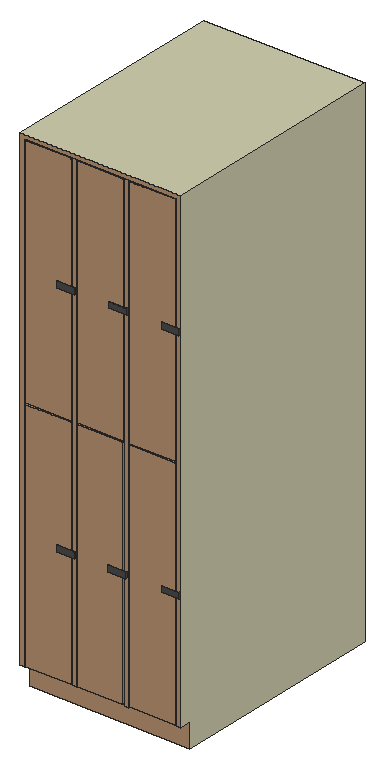
Revit family "Cabinet_Wenger_UltraStor_19", category Furniture, Revit 2015
Parameters (values of type "UltraStor Cabinet #19 - Comp Wood Doors")
  URL = "https://www.wengercorp.com/"
  Type Comments = ""
  Specification = "http://www.arcat.com/sdspecs/htm04/12_35_83wen.htm"
  Shelf Thickness = 0' - 1 1/8"
  Sales Information = "https://www.wengercorp.com/contact-us.php"
  Revision = "R1_2018-04"
  Rear Panel Thickness = 0' - 0 3/4"
  Product Data = "http://www.arcat.com/arcatcos/cos36/arc36487.html"
  Manufacturer Website = "https://www.wengercorp.com/"
  Manufacturer Phone - Toll Free = "800-4WENGER"
  Manufacturer Phone = "(507) 455-4100"
  Manufacturer Fax = "(507) 455-4258"
  Manufacturer Address = "555 Park Dr., Owatonna, MN 55060"
  Keynote = "12 35 83"
  HasDoors = yes
  Green Building-LEED = "http://www.arcat.com/green/clients/leed_data_36487.html"
  Drawn By = "Sumex Design, Inc. / Robert S. Weygant, CSI, CDT, SCIP"
  Door Width = (Cabinet Width - 0' 3") / 3  # 0' - 8.16667"
  Door Style = Door_Base : Solid Door
  Door Material [instance] = Wenger Cherry (Use Cherry Edge Band Only)
  Door Height = (Cabinet Height - 0' 4 3/4") / 5  # 1' - 4.175"
  Toe Kick Material [instance] = Wenger Cherry (Use Cherry Edge Band Only)
  RH End Panel [instance] = no
  Model = "#19"
  Manufacturer = "Wenger Corporation"
  LH End Panel [instance] = no
  End Panel Material [instance] = Wenger Cherry (Use Cherry Edge Band Only)
  Edge Banding Material [instance] = Wenger Cherry (Use Cherry Edge Band Only)
  Cost = 0
  Copyright = "© 2018 Arcat Inc."
  Construction Details = "http://www.arcat.com/details/wengerco/wengerco.html?coid=36487"
  Body Material [instance] = Wenger - Oyster
  Description = "Wenger UltraStor Cabinet #19 - Comp Wood Doors"
  Cabinet Width = 2' - 3 1/2"
  Cabinet Height = 7' - 1 5/8"
  Installed Depth = 3' - 3 1/4"
  Cabinet Panel Thickness = 0' - 0 3/4"
  Assembly Code = "E2010200"
Types (7): name | Rear Panel Thickness | HasDoors | Door Style | Door Material | Model | Description | Installed Depth
  Acoustic Cabinet #19 - No Doors | 0' - 3 1/4" | no | Door_Base : Solid Door | none | "#19A" | "Wenger Acoustic Cabinet #19 - No Doors" | 3' - 5 3/4"
  Acoustic Cabinet #19 - Comp Grille Doors | 0' - 3 1/4" | yes | Door_Base : Bars | Painted Black | "#19A" | "Wenger Acoustic Cabinet #19 - Comp Grille Doors" | 3' - 5 3/4"
  Acoustic Cabinet #19 - Comp Waterfall Grille Doors | 0' - 3 1/4" | yes | Door_Base : Waterfall | Painted Black | "#19A" | "Wenger Acoustic Cabinet #19 - Comp Waterfall Grille Doors" | 3' - 5 3/4"
  UltraStor Cabinet #19 - Comp Waterfall Grille Doors | 0' - 0 3/4" | yes | Door_Base : Waterfall | Painted Black | "#19" | "Wenger UltraStor Cabinet #19 - Comp Waterfall Grille Doors" | 3' - 3 1/4"
  UltraStor Cabinet #19 - Comp Grille Doors | 0' - 0 3/4" | yes | Door_Base : Bars | Painted Black | "#19" | "Wenger UltraStor Cabinet #19 - Comp Grille Doors" | 3' - 3 1/4"
  UltraStor Cabinet #19 - Comp Wood Doors | 0' - 0 3/4" | yes | Door_Base : Solid Door | Wenger Cherry (Use Cherry Edge Band Only) | "#19" | "Wenger UltraStor Cabinet #19 - Comp Wood Doors" | 3' - 3 1/4"
  UltraStor Cabinet #19 - No Doors | 0' - 0 3/4" | no | Door_Base : Solid Door | none | "#19" | "Wenger UltraStor Cabinet #19 - No Doors" | 3' - 3 1/4"
Reference planes (in)
  plane 1 "Front": y = 0
  plane 2: z = 0
  plane 3 "Left": x = 0
  plane 4 "Right": x = 27.5
  plane 5 "Back": y = 39.25
  plane 6 "Top": z = 85.625
  plane 7: z = 4
  plane 8: z = 44.43125
  plane 9: x = 0.75
  plane 10: x = 26.75
  plane 11: z = 84.875
  plane 12: x = 8.91667
  plane 13: x = 9.66667
  plane 14: x = 17.83333
  plane 15: x = 18.58333
  plane 16: y = 38.5
  plane 17: y = 2
  plane 18: y = 0.75
  plane 19: z = 45.55625
  plane 20: z = 5.125
Forms (in)
  Extrusion 1, solid, material "Wenger - Oyster" <- "Body Material"
    sketch origin (0, 0, 0) x (0, 1, 0) y (0, 0, 1)
      loop
        line (0, 85.625) -> (0, 4) -> (2, 4) -> (2, 0) -> (39.25, 0) -> (39.25, 85.625) -> (0, 85.625)
    from 0 to 27.5
  Extrusion 2, void
    sketch origin (0, 0, 0) x (0, 1, 0) y (0, 0, 1)
      loop
        line (-5.5, 84.875) -> (-5.5, 4) -> (0.75, 4)
        arc (0.75, 4) -> (1.15915, 4.80234) -> (2, 5.125) r 1.25694
        line (2, 5.125) -> (38.5, 5.125) -> (38.5, 44.43125) -> (0.75, 44.43125)
        arc (0.75, 44.43125) -> (1.18296, 45.20713) -> (2, 45.55625) r 1.375
        line (2, 45.55625) -> (38.5, 45.55625) -> (38.5, 84.875) -> (-5.5, 84.875)
    from 0.75 to 8.91667
  Extrusion 3, void
    sketch origin (0, 0, 0) x (0, 1, 0) y (0, 0, 1)
      loop
        line (-5.5, 84.875) -> (-5.5, 4) -> (0.75, 4)
        arc (0.75, 4) -> (1.18296, 4.77588) -> (2, 5.125) r 1.375
        line (2, 5.125) -> (38.5, 5.125) -> (38.5, 44.43125) -> (0.75, 44.43125)
        arc (0.75, 44.43125) -> (1.18296, 45.20713) -> (2, 45.55625) r 1.375
        line (2, 45.55625) -> (38.5, 45.55625) -> (38.5, 84.875) -> (-5.5, 84.875)
    from 9.66667 to 17.83333
  Extrusion 4, void
    sketch origin (0, 0, 0) x (0, 1, 0) y (0, 0, 1)
      loop
        line (-5.5, 84.875) -> (-5.5, 4) -> (0.75, 4)
        arc (0.75, 4) -> (1.18296, 4.77588) -> (2, 5.125) r 1.375
        line (2, 5.125) -> (38.5, 5.125) -> (38.5, 44.43125) -> (0.75, 44.43125)
        arc (0.75, 44.43125) -> (1.18296, 45.20713) -> (2, 45.55625) r 1.375
        line (2, 45.55625) -> (38.5, 45.55625) -> (38.5, 84.875) -> (-5.5, 84.875)
    from 18.58333 to 26.75
  Extrusion 5, void
    sketch origin (0, 0, 0) x (0, 1, 0) y (0, 0, 1)
      loop
        line (0, 84.875) -> (0, 4) -> (0.0625, 4) -> (0.0625, 84.875) -> (0, 84.875)
    from 0.75 to 26.75
Cuts and joins
  Extrusion 2, Extrusion 3, Extrusion 4, Extrusion 5 cuts Extrusion 1
Lines and regions (in)
  Masking region 1
    outline origin (0, 0, 0) x (1, 0, 0) y (0, 1, 0)
      loop
        line (0, 39.25) -> (0, 0) -> (27.5, 0) -> (27.5, 39.25) -> (0, 39.25)
Dimensions and locks (in)
  "Cabinet Panel Thickness": plane 3 "Left" to plane 9
  "Cabinet Panel Thickness": plane 10 to plane 4 "Right"
  "Cabinet Panel Thickness": plane 5 "Back" to plane 16
  locked: plane 1 "Front" to plane 18 at 0.75
  locked: plane 1 "Front" to plane 17 at 2
  "Shelf Thickness": plane 19 to plane 8
  "Cabinet Panel Thickness": plane 6 "Top" to plane 11
  "Shelf Thickness": plane 20 to plane 7
  "Cabinet Width": plane 3 "Left" to plane 4 "Right"
  locked: plane 7 to level at 4
  "Cabinet Height": plane 6 "Top" to level
  "Installed Depth": plane 1 "Front" to plane 5 "Back"
  "Door Width": plane 12 to plane 9
  "Door Width": plane 14 to plane 13
  "Door Width": plane 10 to plane 15
  plane 3 "Left" to plane 4 "Right" = 2' - 3 1/2"
  locked: plane 15 to plane 14 at 0.75
  equal spacing: plane 13, nested 2, plane 14
  equal spacing: plane 5 "Back", nested 2, plane 1 "Front"
  plane 11 to plane 19 = 3' - 3.31875"
  plane 8 to plane 20 = 3' - 3.30625"
  aligned and locked: Extrusion 1 sketch curve to plane 6 "Top"
  aligned and locked: Extrusion 1 sketch curve to plane 5 "Back"
  aligned and locked: Extrusion 1 sketch curve to plane 1 "Front"
  aligned and locked: Extrusion 1 sketch curve to plane 7
  aligned and locked: Extrusion 1 sketch curve to plane 17
  aligned and locked: Extrusion 1 sketch curve to level
  aligned and locked: Extrusion 1 to plane 4 "Right"
  aligned and locked: Extrusion 1 to plane 3 "Left"
  aligned and locked: Extrusion 2 sketch curve to plane 11
  aligned and locked: Extrusion 2 sketch curve to plane 19
  aligned and locked: Extrusion 2 sketch curve to plane 8
  aligned and locked: Extrusion 2 sketch curve to plane 20
  aligned and locked: Extrusion 2 to plane 9
  aligned and locked: plane 12 to Extrusion 2
  aligned and locked: plane 14 to Extrusion 3
  aligned and locked: Extrusion 3 to plane 13
  aligned and locked: Extrusion 4 to plane 10
  aligned and locked: Extrusion 4 to plane 15
  aligned and locked: Extrusion 5 sketch curve to cut or joined group of Extrusion 1, Extrusion 2, Extrusion 3, Extrusion 4, Extrusion 5  (x3)
  aligned and locked: Extrusion 5 to plane 10
  aligned and locked: Extrusion 5 to plane 9
  aligned and locked: nested 3 to plane 9
  aligned and locked: plane 12 to nested 3
  aligned and locked: plane 11 to nested 3
  aligned and locked: plane 11 to nested 4
  aligned and locked: nested 4 to plane 13
  aligned and locked: plane 14 to nested 4
  aligned and locked: cut or joined group of Extrusion 1, Extrusion 2, Extrusion 3, Extrusion 4, Extrusion 5 to plane 15
  aligned and locked: cut or joined group of Extrusion 1, Extrusion 2, Extrusion 3, Extrusion 4, Extrusion 5 to plane 10
  aligned and locked: plane 11 to nested 5
  aligned and locked: plane 8 to cut or joined group of Extrusion 1, Extrusion 2, Extrusion 3, Extrusion 4, Extrusion 5
  aligned and locked: nested 8 to plane 10
  aligned and locked: nested 5 to plane 10
  aligned and locked: nested 5 to plane 15
  aligned and locked: nested 8 to plane 15
  aligned and locked: plane 14 to cut or joined group of Extrusion 1, Extrusion 2, Extrusion 3, Extrusion 4, Extrusion 5
  aligned and locked: nested 7 to plane 13
  aligned and locked: plane 12 to nested 6
  aligned and locked: nested 6 to plane 9
  aligned and locked: plane 7 to cut or joined group of Extrusion 1, Extrusion 2, Extrusion 3, Extrusion 4, Extrusion 5
  aligned and locked: nested 7 to plane 7
  aligned and locked: nested 8 to plane 7
  aligned and locked: nested 6 to plane 7
  aligned and locked: plane 18 to Extrusion 2 sketch curve
  aligned and locked: plane 1 "Front" to nested 9
  aligned and locked: nested 9 to level
  aligned and locked: nested 9 to plane 4 "Right"
  aligned and locked: Masking region 1 sketch curve to plane 5 "Back"
  aligned and locked: Masking region 1 sketch curve to plane 1 "Front"
  aligned and locked: plane 3 "Left" to Masking region 1 sketch curve
  aligned and locked: plane 4 "Right" to Masking region 1 sketch curve
  aligned and locked: plane 8 to nested 6
  aligned and locked: plane 8 to nested 7
  aligned and locked: plane 8 to nested 8
  aligned and locked: nested 5 to plane 8
  aligned and locked: nested 4 to plane 8
  aligned and locked: nested 3 to plane 8
Automatic sketch dimensions
  Extrusion 3 sketch curve to plane 11 = 0' - 0"
  Extrusion 3 sketch curve to plane 7 = 0' - 0"
  Extrusion 3 sketch curve to plane 18 = 0' - 0"  (x2)
  Extrusion 3 sketch curve to plane 8 = 0' - 0"
  Extrusion 3 sketch curve to plane 17 = 0' - 0"  (x2)
  Extrusion 3 sketch curve to plane 16 = 0' - 0"  (x2)
  Extrusion 3 sketch curve to plane 20 = 0' - 0"
  Extrusion 3 sketch curve to plane 19 = 0' - 0"
  plane 1 "Front" to Extrusion 3 sketch curve = 0' - 5 1/2"
  Extrusion 3 sketch curve to plane 17 = 0' - 0.10279"  (x2)
  Extrusion 4 sketch curve to plane 11 = 0' - 0"
  Extrusion 4 sketch curve to plane 7 = 0' - 0"
  Extrusion 4 sketch curve to plane 18 = 0' - 0"  (x2)
  Extrusion 4 sketch curve to plane 8 = 0' - 0"
  Extrusion 4 sketch curve to plane 17 = 0' - 0"  (x2)
  Extrusion 4 sketch curve to plane 16 = 0' - 0"  (x2)
  Extrusion 4 sketch curve to plane 20 = 0' - 0"
  Extrusion 4 sketch curve to plane 19 = 0' - 0"
  plane 1 "Front" to Extrusion 4 sketch curve = 0' - 5 1/2"
  Extrusion 4 sketch curve to plane 17 = 0' - 0.10279"  (x2)
  plane 18 to Extrusion 5 sketch curve = 0' - 0 11/16"
  Extrusion 2 sketch curve to plane 7 = 0' - 0"
  Extrusion 2 sketch curve to plane 17 = 0' - 0"  (x2)
  Extrusion 2 sketch curve to plane 16 = 0' - 0"  (x2)
  plane 1 "Front" to Extrusion 2 sketch curve = 0' - 5 1/2"
  Extrusion 2 sketch curve to plane 18 = 0' - 0"
  Extrusion 2 sketch curve to plane 17 = 0' - 0.10279"
Nested families (in)
  nested 1: "End Panel" at (0, 24.25, 0) x (0, -1, 0) z (0, 0, 1), End Panel Material <- "End Panel Material", visible <- "LH End Panel", Edge Banding Material <- "Edge Banding Material", type "End Panel"
    with End Panel Material Wenger Cherry (Use Cherry Edge Band Only), Edge Banding Material Wenger Cherry (Use Cherry Edge Band Only), End Panel Depth 3' - 3 1/4"
  nested 2: "Labels" at (13.75, 19.625, 0), type "Labels"
  nested 3: "Door_Base" at (4.83333, 0, 44.43125) x (1, 0, 0) z (0, -1, 0), type <- "Door Style", visible <- "HasDoors", type "Solid Door", detail levels medium+fine
    with vBars 6, Width 0' - 8.16667", ToeKick Height 0' - 4", MidBar no, Height 3' - 4.44375", BarHt 3' - 3.94375", 2HzBars no
  nested 4: "Door_Base" at (13.75, 0, 44.43125) x (1, 0, 0) z (0, -1, 0), type <- "Door Style", visible <- "HasDoors", type "Solid Door", detail levels medium+fine
    with vBars 6, Width 0' - 8.16667", ToeKick Height 0' - 4", MidBar no, Height 3' - 4.44375", BarHt 3' - 3.94375", 2HzBars no
  nested 5: "Door_Base" at (22.66667, 0, 44.43125) x (1, 0, 0) z (0, -1, 0), type <- "Door Style", visible <- "HasDoors", type "Solid Door", detail levels medium+fine
    with vBars 6, Width 0' - 8.16667", ToeKick Height 0' - 4", MidBar no, Height 3' - 4.44375", BarHt 3' - 3.94375", 2HzBars no
  nested 6: "Door_Base" at (4.83333, 0, 4) x (1, 0, 0) z (0, -1, 0), type <- "Door Style", visible <- "HasDoors", type "Solid Door", detail levels medium+fine
    with vBars 6, Width 0' - 8.16667", ToeKick Height 0' - 4", MidBar no, Height 3' - 4.43125", BarHt 3' - 3.93125", 2HzBars no
  nested 7: "Door_Base" at (13.66667, 0, 4) x (1, 0, 0) z (0, -1, 0), type <- "Door Style", visible <- "HasDoors", type "Solid Door", detail levels medium+fine
    with vBars 6, Width 0' - 8", ToeKick Height 0' - 4", MidBar no, Height 3' - 4.43125", BarHt 3' - 3.93125", 2HzBars no
  nested 8: "Door_Base" at (22.66667, 0, 4) x (1, 0, 0) z (0, -1, 0), type <- "Door Style", visible <- "HasDoors", type "Solid Door", detail levels medium+fine
    with vBars 6, Width 0' - 8.16667", ToeKick Height 0' - 4", MidBar no, Height 3' - 4.43125", BarHt 3' - 3.93125", 2HzBars no
  nested 9: "End Panel" at (28.25, 24.25, 0) x (0, -1, 0) z (0, 0, 1), End Panel Material <- "End Panel Material", Edge Banding Material <- "Edge Banding Material", visible <- "RH End Panel", type "End Panel"
    with End Panel Material Wenger Cherry (Use Cherry Edge Band Only), Edge Banding Material Wenger Cherry (Use Cherry Edge Band Only), End Panel Depth 3' - 3 1/4"
Definition of nested family "End Panel"
  Parameters (values of type "End Panel")
    End Panel Material [instance] = none
    End Panel Height = 7' - 1 5/8"
    End Panel Depth = 1' - 9 3/4"
    Edge Banding Material [instance] = none
    Default Elevation = 4' - 0"
    Assembly Code = ""
  Reference planes (in)
    plane 1 "Center (Front/Back)": y = 0
    plane 2: z = 0
    plane 3 "Center (Left/Right)": x = 0
    plane 4: x = -15
    plane 5: x = 6.75
    plane 6: z = 4
    plane 7: x = 4.75
    plane 8: z = 85.625
    plane 9: y = -0.75
  Forms (in)
    Extrusion 1, solid, material <- "End Panel Material"
      sketch origin (0, 0, 0) x (1, 0, 0) y (0, 0, 1)
        loop
          line (-15, 85.625) -> (-15, 0) -> (4.75, 0) -> (4.75, 4) -> (6.75, 4) -> (6.75, 85.625) -> (-15, 85.625)
      from 0 to 0.75
  Lines and regions (in)
    Masking region 1, detail levels coarse+medium
      outline origin (0, 0, 0) x (1, 0, 0) y (0, 1, 0)
        loop
          line (-15, 0) -> (-15, -0.75) -> (6.75, -0.75) -> (6.75, 0) -> (-15, 0)
  Dimensions and locks (in)
    locked: plane 7 to plane 5 at 2
    locked: plane 6 to level at 4
    "End Panel Height": plane 8 to level
    "End Panel Depth": plane 5 to plane 4
    locked: plane 9 to plane 1 "Center (Front/Back)" at 0.75
    aligned and locked: plane 4 to Extrusion 1 sketch curve
    aligned and locked: level to Extrusion 1 sketch curve
    aligned and locked: plane 7 to Extrusion 1 sketch curve
    aligned and locked: plane 6 to Extrusion 1 sketch curve
    aligned and locked: Extrusion 1 sketch curve to plane 5
    aligned and locked: Extrusion 1 sketch curve to plane 8
    aligned and locked: Extrusion 1 to plane 9
    aligned and locked: Extrusion 1 to plane 1 "Center (Front/Back)"
    aligned and locked: plane 4 to Masking region 1 sketch curve
    aligned and locked: Masking region 1 sketch curve to plane 5
    aligned and locked: plane 1 "Center (Front/Back)" to Masking region 1 sketch curve
    aligned and locked: plane 9 to Masking region 1 sketch curve
Definition of nested family "Door_Base"
  Parameters (values of type "None")
    vBars [instance] = (Width - 0' 2") / 0' 1"  # 6
    Width [instance] = 0' - 8"
    ToeKick Height [instance] = 0' - 4"
    Thickness = 0' - 0 3/4"
    Solid Door = no
    Shelf Thickness = 0' - 0 3/4"
    Panel Thickness = 0' - 0 3/4"
    MidBar [instance] = and(Height < 1' 6", HasDoor, not(Solid Door))  # no
    Height [instance] = 1' - 2 5/8"
    HasDoor = no
    Edge Banding = none
    DoorGap = 0' - 0 1/8"
    Door Finish = none
    Depth = 2' - 0"
    Default Elevation = 4' - 0"
    Bars = no
    BarStyle = Bars : Waterfall
    BarHt [instance] = Height - 0' 0 1/2"  # 1' - 2 1/8"
    2HzBars [instance] = and(Height > 1' 6", not(Solid Door))  # no
  Types (4): name | Thickness | Solid Door | MidBar | HasDoor | Bars | BarStyle
    Solid Door | 0' - 0 3/4" | yes | no | yes | no | Bars : Waterfall
    Bars | 0' - 0 1/4" | no | yes | yes | yes | Bars : Straight
    Waterfall | 0' - 0 3/4" | no | yes | yes | yes | Bars : Waterfall
    None | 0' - 0 3/4" | no | no | no | no | Bars : Waterfall
  Reference planes (in)
    plane 1 "Center (Front/Back)": y = 0
    plane 2: z = 0
    plane 3 "Center (Left/Right)": x = 0
    plane 4: x = -4
    plane 5: y = 14.625
    plane 6: x = 4
    plane 7: z = -0.75
    plane 8: x = -3.875
    plane 9: x = 3.875
    plane 10: y = 0.125
    plane 11: y = 14.5
    plane 12: y = -0.75
    plane 13 "CL Elev": y = 7.3125
    plane 14: x = -3.75
    plane 15: x = 3.75
    plane 16 "BtmRail": y = 0.25
    plane 17: y = 14.375
    plane 18: z = -0.125
    plane 19: x = -2.75
    plane 20: x = 2.75
    plane 21: y = 9.66667
    plane 22: y = 4.95833
  Forms (in)
    Extrusion 1, solid, material <- "Door Finish", visible <- "Solid Door", detail levels medium+fine
      sketch origin (0, 0, 0) x (1, 0, 0) y (0, 1, 0)
        loop
          arc (-3.75, 14.5) -> (-3.83839, 14.46339) -> (-3.875, 14.375) r 0.125
          line (-3.875, 14.375) -> (-3.875, 0.25)
          arc (-3.875, 0.25) -> (-3.83839, 0.16161) -> (-3.75, 0.125) r 0.125
          line (-3.75, 0.125) -> (3.75, 0.125)
          arc (3.75, 0.125) -> (3.83839, 0.16161) -> (3.875, 0.25) r 0.125
          line (3.875, 0.25) -> (3.875, 14.375)
          arc (3.875, 14.375) -> (3.83839, 14.46339) -> (3.75, 14.5) r 0.125
          line (3.75, 14.5) -> (-3.75, 14.5)
      from 0 to -0.75
    Sweep 2, solid, material <- "Door Finish", visible <- "Bars", detail levels medium+fine
      path origin (0, 0, 0) x (1, 0, 0) y (0, 1, 0)
        loop
          arc (-3.125, 14.5) -> (-3.65533, 14.28033) -> (-3.875, 13.75) r 0.75
          line (-3.875, 13.75) -> (-3.875, 0.875)
          arc (-3.875, 0.875) -> (-3.65533, 0.34467) -> (-3.125, 0.125) r 0.75
          line (-3.125, 0.125) -> (3.125, 0.125)
          arc (3.125, 0.125) -> (3.65533, 0.34467) -> (3.875, 0.875) r 0.75
          line (3.875, 0.875) -> (3.875, 13.75)
          arc (3.875, 13.75) -> (3.65533, 14.28033) -> (3.125, 14.5) r 0.75
          line (3.125, 14.5) -> (-3.125, 14.5)
      profile origin (0, 14.5, 0) x (0, 1, 0) y (0, 0, 1)
        loop
          circle (-0.125, -0.125) r 0.125
    Extrusion 3, solid, material <- "Door Finish", visible <- "MidBar", detail levels medium+fine
      sketch origin (0, 0, 0) x (0, 1, 0) y (0, 0, 1)
        loop
          circle (7.3125, -0.125) r 0.125
      from -3.75 to 3.75
    Extrusion 4, solid, visible <- "HasDoor", detail levels fine
      sketch origin (0, 0, 0) x (1, 0, 0) y (0, 1, 0)
        loop
          line (1.5, 7.8125) -> (1.5, 6.8125) -> (4.5, 6.8125) -> (4.5, 7.8125) -> (1.5, 7.8125)
      from 0 to 0.125
    Extrusion 5, solid, material <- "Door Finish", visible <- "2HzBars", detail levels medium+fine
      sketch origin (0, 0, 0) x (0, 1, 0) y (0, 0, 1)
        loop
          circle (9.66667, -0.125) r 0.125
        loop
          circle (4.95833, -0.125) r 0.125
      from -3.75 to 3.75
  Lines and regions (in)
    symbolic lines, visible <- "HasDoor", detail levels medium+fine
      curve 1: line (4, 0.25, 0) -> (-4, 0.25, 0)
      curve 2: line (-4, 0.25, 0) -> (-4, 0.25, 8)
      curve 3: arc (4, 0.25, 0) -> (1.65685, 0.25, 5.65685) -> (-4, 0.25, 8) r 8
    symbolic lines, visible <- "HasDoor"
      curve 4: line (3.875, 0.25, 0) -> (3.875, 0.25, -0.75)
      curve 5: line (3.875, 0.25, -0.75) -> (-3.875, 0.25, -0.75)
      curve 6: line (-3.875, 0.25, -0.75) -> (-3.875, 0.25, 0)
    symbolic lines, detail levels medium
      curve 7: line (3.875, 14.5, 0) -> (-3.875, 7.3125, 0)
      curve 8: line (-3.875, 7.3125, 0) -> (3.875, 0.125, 0)
  Dimensions and locks (in)
    "Height": plane 1 "Center (Front/Back)" to plane 5
    "Thickness": level to plane 7
    equal spacing: plane 4, plane 3 "Center (Left/Right)", plane 6
    "Width": plane 4 to plane 6
    "DoorGap": plane 5 to plane 11
    "DoorGap": plane 9 to plane 6
    "DoorGap": plane 4 to plane 8
    "DoorGap": plane 1 "Center (Front/Back)" to plane 10
    "Shelf Thickness": plane 1 "Center (Front/Back)" to plane 12
    equal spacing: plane 1 "Center (Front/Back)", plane 13 "CL Elev", plane 5
    locked: plane 15 to plane 9 at 0.125
    locked: plane 8 to plane 14 at 0.125
    locked: plane 11 to plane 17 at 0.125
    locked: plane 16 "BtmRail" to plane 10 at 0.125
    locked: level to plane 18 at 0.125
    plane 19 to plane 14 = 0' - 1"
    locked: plane 15 to plane 20 at 1
    Extrusion 4 sketch curve to plane 13 "CL Elev" to Extrusion 4 sketch curve = 0' - 0 1/2" locked, 0' - 0 1/2" locked
    locked: plane 6 to Extrusion 4 sketch curve at 0.5
    locked: Extrusion 4 sketch curve to plane 6 at 2.5
    locked: Extrusion 4 to level at 0.125
    equal spacing: group 1, group 3, group 4, group 5, group 6, group 2  (x3)
    equal spacing: plane 17, plane 21, plane 22, plane 16 "BtmRail"
    "Width": radius of curve 3
    aligned and locked: plane 2 to level
    aligned and locked: Extrusion 1 sketch curve to plane 11
    aligned and locked: plane 8 to Extrusion 1 sketch curve
    aligned and locked: Extrusion 1 sketch curve to plane 9
    aligned and locked: plane 10 to Extrusion 1 sketch curve
    aligned and locked: Extrusion 1 to plane 7
    aligned and locked: level to Extrusion 1
    aligned and locked: Sweep 2 sketch curve to plane 11
    aligned and locked: plane 8 to Sweep 2 sketch curve
    aligned and locked: plane 10 to Sweep 2 sketch curve
    aligned and locked: Sweep 2 sketch curve to plane 9
    aligned and locked: plane 15 to Extrusion 3
    aligned and locked: Extrusion 3 to plane 14
    aligned and locked: plane 20 to nested 2
    aligned and locked: plane 19 to nested 1
    aligned and locked: plane 21 to Extrusion 5 sketch curve
    aligned and locked: plane 18 to Extrusion 5 sketch curve  (x2)
    aligned and locked: plane 22 to Extrusion 5 sketch curve
    aligned and locked: Extrusion 5 to Extrusion 3  (x2)
    aligned and locked: plane 4 to curve 3  (x2)
    aligned and locked: level to curve 3
    aligned and locked: plane 7 to curve 5
    aligned and locked: Extrusion 1 to plane 8
    aligned and locked: plane 9 to Extrusion 1
    aligned and locked: plane 10 to curve 8
    aligned and locked: plane 9 to curve 8
    aligned and locked: plane 13 "CL Elev" to curve 8
    aligned and locked: plane 11 to curve 7
    aligned and locked: plane 9 to curve 7
  Automatic sketch dimensions
    plane 8 to Sweep 2 sketch curve = 0' - 0 3/4"  (x2)
    Sweep 2 sketch curve to plane 9 = 0' - 0 3/4"
    Sweep 2 sketch curve to Sweep 2 sketch curve = 0' - 0 3/4"
    Sweep 2 sketch curve to level = 0' - 0 1/8"
    profile plane to Sweep 2 sketch curve = 0' - 0 1/8"
    Extrusion 3 sketch curve to level = 0' - 0 1/8"
    Extrusion 3 sketch curve to plane 13 "CL Elev" = 0' - 0"
    curve 8 to plane 8 = 0' - 0"
    Extrusion 1 sketch curve to plane 14 = 0' - 0"  (x2)
    Extrusion 1 sketch curve to plane 15 = 0' - 0"  (x2)
    curve 5 to plane 9 = 0' - 0"
    curve 6 to plane 8 = 0' - 0"
    radius of Sweep 2 sketch curve = 0' - 0 1/8"
    radius of Extrusion 3 sketch curve = 0' - 0 1/8"
    radius of Extrusion 5 sketch curve = 0' - 0 1/8"  (x2)
  Nested families (in)
    nested 1: "Bars" at (-2.75, 0.25, -0.125) x (1, 0, 0) z (0, 1, 0), type <- "BarStyle", visible <- "Bars", type "Waterfall", detail levels fine
      with Lateral Deviation 0' - 1", Height 1' - 2 1/8"
    nested 2: "Bars" at (2.75, 0.25, -0.125) x (1, 0, 0) z (0, 1, 0), type <- "BarStyle", visible <- "Bars", type "Waterfall", detail levels fine
      with Lateral Deviation 0' - 1", Height 1' - 2 1/8"
    nested 3: "Bars" at (-1.65, 0.25, -0.125) x (1, 0, 0) z (0, 1, 0), type <- "BarStyle", visible <- "Bars", type "Waterfall", detail levels fine
      with Lateral Deviation 0' - 1", Height 1' - 2 1/8"
    nested 4: "Bars" at (-0.55, 0.25, -0.125) x (1, 0, 0) z (0, 1, 0), type <- "BarStyle", visible <- "Bars", type "Waterfall", detail levels fine
      with Lateral Deviation 0' - 1", Height 1' - 2 1/8"
    nested 5: "Bars" at (0.55, 0.25, -0.125) x (1, 0, 0) z (0, 1, 0), type <- "BarStyle", visible <- "Bars", type "Waterfall", detail levels fine
      with Lateral Deviation 0' - 1", Height 1' - 2 1/8"
    nested 6: "Bars" at (1.65, 0.25, -0.125) x (1, 0, 0) z (0, 1, 0), type <- "BarStyle", visible <- "Bars", type "Waterfall", detail levels fine
      with Lateral Deviation 0' - 1", Height 1' - 2 1/8"
  Definition of nested family "Bars"
    Parameters (values of type "Straight")
      WaterFall = no
      Straight = yes
      Lateral Deviation = 0' - 1 1/2"
      Height = 1' - 2 5/8"
      Default Elevation = 4' - 0"
      Bars = none
    Types (3): name | WaterFall | Straight
      (no name) | no | yes
      Waterfall | yes | no
      Straight | no | yes
    Reference planes (in)
      plane 1 "Center (Front/Back)": y = 0
      plane 2: z = 0
      plane 3 "Center (Left/Right)": x = 0
      plane 4: z = 14.625
      plane 5: z = 7.3125
      plane 6: x = 0.75
      plane 7: x = -0.75
      plane 8: z = 10.96875
      plane 9: z = 3.65625
    Forms (in)
      Sweep 1, solid, material <- "Bars", visible <- "WaterFall"
        path origin (0, 0, 0) x (1, 0, 0) y (0, 0, 1)
          loop
            arc (0, 0) -> (0.56057, 1.79006) -> (0.75, 3.65625) r 9.28711
            arc (0.75, 3.65625) -> (0.56057, 5.52244) -> (0, 7.3125) r 9.28711
        profile origin (0.56057, 0, 1.79006) x (-0.979603, 0, 0.200944) y (0, -1, 0)
          loop
            circle (0, 0) r 0.0625
      Sweep 2, solid, material <- "Bars", visible <- "WaterFall"
        path origin (0, 0, 14.625) x (-1, 0, 0) y (0, 0, -1)
          loop
            arc (0, 0) -> (0.56057, 1.79006) -> (0.75, 3.65625) r 9.28711
            arc (0.75, 3.65625) -> (0.56057, 5.52244) -> (0, 7.3125) r 9.28711
        profile origin (-0.56057, 0, 12.83494) x (0.979603, 0, -0.200944) y (0, -1, 0)
          loop
            circle (0, 0) r 0.0625
      Extrusion 3, solid, material <- "Bars", visible <- "Straight"
        sketch origin (0, 0, 0) x (1, 0, 0) y (0, 1, 0)
          loop
            circle (0, 0) r 0.0625
        from 0 to 14.625
    Dimensions and locks (in)
      "Height": plane 4 to level
      equal spacing: plane 6, plane 3 "Center (Left/Right)", plane 7
      "Lateral Deviation": plane 6 to plane 7
      equal spacing: plane 4, plane 8, plane 5, plane 9, level
      aligned and locked: plane 2 to level
      aligned and locked: plane 3 "Center (Left/Right)" to Sweep 1 sketch curve  (x2)
      aligned and locked: level to Sweep 1 sketch curve
      aligned and locked: plane 6 to Sweep 1 sketch curve
      aligned and locked: plane 9 to Sweep 1 sketch curve
      aligned and locked: plane 4 to Sweep 2 sketch curve
      aligned and locked: plane 3 "Center (Left/Right)" to Sweep 2 sketch curve  (x2)
      aligned and locked: plane 8 to Sweep 2 sketch curve
      aligned and locked: plane 7 to Sweep 2 sketch curve
      aligned and locked: plane 5 to Sweep 2 sketch curve
      aligned and locked: plane 4 to Extrusion 3
      aligned and locked: Extrusion 3 to level
    Automatic sketch dimensions
      plane 1 "Center (Front/Back)" to Sweep 1 sketch curve = 0' - 0"
      Sweep 1 sketch curve to profile plane = 0' - 0"
      Sweep 1 sketch curve to Sweep 1 sketch curve = 0' - 0"
      Sweep 2 sketch curve to plane 1 "Center (Front/Back)" = 0' - 0"
      Sweep 2 sketch curve to profile plane = 0' - 0"
      plane 1 "Center (Front/Back)" to Extrusion 3 sketch curve = 0' - 0"
      Extrusion 3 sketch curve to plane 3 "Center (Left/Right)" = 0' - 0"
      radius of Sweep 1 sketch curve = 0' - 0 1/16"
      radius of Sweep 2 sketch curve = 0' - 0 1/16"
      radius of Extrusion 3 sketch curve = 0' - 0 1/16"
Definition of nested family "Labels"
  Parameters
    Cabinet Label = "01"
  Reference planes (in)
    plane 1: y = 0
    plane 2: x = 0
  Text (in)
    label "xxxx" at (-0.00018, 0.00754, 0), shows "Cabinet Label"
